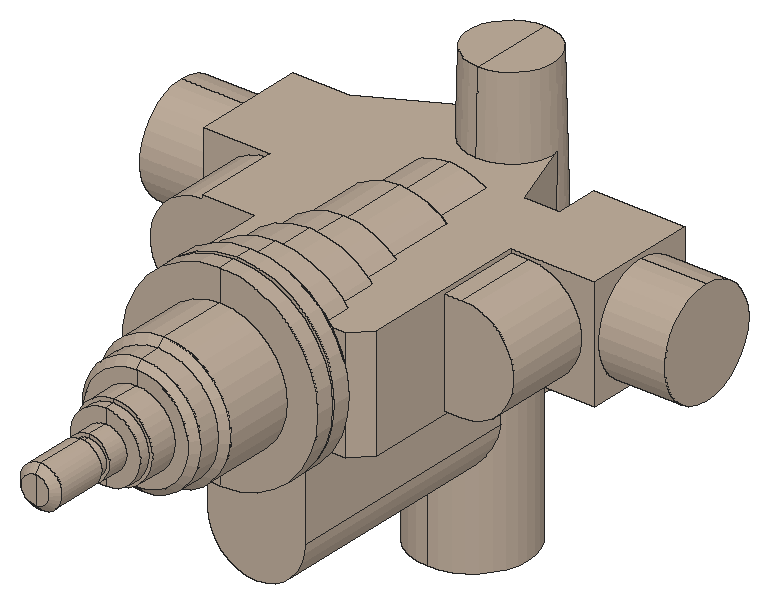
Revit family "Valve-Diverter-Waterworks-Universal-Pressure_Balance", category Pipe Accessories, Revit 2014
Parameters (values of type "Universal Pressure Balance with Diverter Valve")
  ‌Installation Requirements or Notes = "It is recommended not to exceed 4.2 gpm total,per shower installation; restricted maximum flow rate is controlled by end fitting, see fitting specs for details"  # constant formula
  Water Pressure = "Max: 85psi / Min: 20psi / Recommended: 45psi"  # constant formula
  Warranty = "http://www.waterworks.com/warranty"
  Version = "2014 - v1.0a"  # constant formula
  URL = "http://www.waterworks.com/"
  Length = 0' - 4 3/4"  # constant formula
  Height = 0' - 3 3/4"  # constant formula
  Fittings Hole Diameter = 0' - 3 1/2"  # constant formula
  Depth = 0' - 5 3/4"  # constant formula
  Control Valve Rough-in Depth Minimum = 0' - 1 7/8"  # constant formula
  Control Valve Rough-in Depth Maximum = 0' - 2 7/8"  # constant formula
  Cold Water Inlet Diameter = 0' - 0 1/2"  # constant formula
  Cold Water Inlet Connection = "Inlet - Copper Sweat"  # constant formula
  Support Phone = "(224) 699-9545"  # constant formula
  Support Email = "mailto:support@anguleris.com"
  Hot Water Inlet Diameter = 0' - 0 1/2"  # constant formula
  Hot Water Inlet Connection = "Inlet - Copper Sweat"  # constant formula
  Product Page URL = "http://www.waterworks.com/universal-pressure-balance-with-diverter-valve-gupb87"
  Product Name = "Universal Pressure Balance with Diverter Valve"  # constant formula
  Product Documentation Link = "http://assets.waterworks.com/wasset/52/original/34452.pdf"
  Pressure = 45.00 psi
  Model SKU = "26-29053-55752"  # constant formula
  Model = "GUPB87"  # constant formula
  Mixed Water Top Outlet Diamter = 0' - 0 1/2"  # constant formula
  Mixed Water Outlet Top Connection = "Oulet - Sweat Shower/ NPT Tub"  # constant formula
  Material = ""
  Manufacturer Phone Number = "(203)546-6201"  # constant formula
  Manufacturer Email = "mailto:acallanan@waterworks.com"
  Manufacturer Address = "60 Backus Avenue, Danbury, CT 06810"  # constant formula
  Manufacturer = "Waterworks"  # constant formula
  Keynote = "22 40 00"
  Mixed Water Bottom Outlet Diameter = 0' - 0 1/2"  # constant formula
  Mixed Water Outlet Bottom Connection = "Oulet - Sweat Shower/ NPT Tub"  # constant formula
  Finish = Metal - Waterworks - Brass
  Description = "Universal Pressure Balance with Diverter Valve"  # constant formula
  Copyright = "@2017 Waterworks Operating Company LLC. All rights reserved"  # constant formula
  Code Compliance = "Code # GUSV87: ASME A112.18.1 / CSA B125.1, IAPMO, CSA, State of MA"  # constant formula
  Certification cUPC = 1 = 1  # yes
  Certification UPC = 1 = 1  # yes
  Certification State of MA = 1 = 1  # yes
  Certification IAPMO = 1 = 1  # yes
  Certification CSA = 1 = 1  # yes
  Assembly Code = "D2010"
  Anti-scald Protection = 1 = 1  # yes
  ADA Compliant = 1 = 1  # yes
Reference planes (in)
  plane 1 "Center (Elevation)": z = 0
  plane 2 "Back": y = 0
  plane 3 "Center (Left/Right)": x = 0
  plane 4 "Left": x = -2.34375
  plane 5 "Right": x = 2.34375
  plane 6 "Top": z = 1.21875
  plane 7 "Bottom": z = -2.53125
  plane 8: y = -1.1875
  plane 9 "Front": y = -5.75
Forms (in)
  Revolve 1, solid, material "Metal - Waterworks - Brass" <- "Finish", detail levels fine
    sketch origin (0, 0.00149, 0) x (0, 0, 1) y (0, -1, 0)
      loop
        line (0, 5.75149) -> (0, 1.125) -> (0.59375, 1.125) -> (0.59375, 1.625) -> (0.65625, 1.6875) -> (0.65625, 2.3125) -> (0.6875, 2.3125) -> (0.6875, 2.6875) -> (0.75, 2.6875) -> (0.75, 3.0625) -> (0.8125, 3.0625) -> (0.8125, 3.28125) -> (0.875, 3.34375) -> (0.875, 3.5) -> (0.84375, 3.5) -> (0.84375, 3.53125) -> (0.875, 3.53125) -> (0.875, 3.6875) -> (0.59375, 3.6875) -> (0.59375, 4.3125) -> (0.53125, 4.375) -> (0.53125, 4.5625) -> (0.46875, 4.625) -> (0.34375, 4.625) -> (0.34375, 4.875) -> (0.3125, 4.875) -> (0.3125, 4.96875) -> (0.1875, 4.96875) -> (0.1875, 5.15625) -> (0.15625, 5.15625) -> (0.15625, 5.25) -> (0.1875, 5.25) -> (0.1875, 5.6875) -> (0.12351, 5.75149) -> (0, 5.75149)
      axis (0, 5.75149) -> (0, 1.125)
    angle from 0 to 360
  Extrusion 2, solid, material "Metal - Waterworks - Brass" <- "Finish", detail levels fine
    sketch origin (0, 0.00149, 0) x (0, -1, 0) y (1, 0, 0)
      loop
        line (1.6875, -1.75016) -> (1.6875, -1.68766) -> (2.4375, -1.68766) -> (2.4375, -0.6875) -> (3.34375, -0.6875) -> (3.34375, 0.84359) -> (3.1875, 0.99984) -> (1.6875, 0.99984) -> (1.6875, 1.74984) -> (0.6875, 1.74984) -> (0.6875, 0.93734) -> (1.0625, 0.93734) -> (1.0625, 0.62484) -> (0.30995, 0.35264) -> (0.10768, -0.17844) -> (0.6875, -1.25016) -> (0.6875, -1.75016) -> (1.6875, -1.75016)
    from -0.5 to 0.5
  Extrusion 3, void, detail levels fine
    sketch origin (0, 0.00149, 0) x (1, 0, 0) y (0, 0, 1)
      loop
        line (-1.15641, 0.46875) -> (-1.15641, 1.21875) -> (-2.34375, 1.21875) -> (-2.34375, -2.53125) -> (-1.15641, -2.53125) -> (-1.15641, -0.46875)
        arc (-1.15641, -0.46875) -> (-1.62516, 0) -> (-1.15641, 0.46875) r 0.46875
    from 1.6875 to 2.4375
  Extrusion 4, solid, material "Metal - Waterworks - Brass" <- "Finish", detail levels fine
    sketch origin (0, 0.00149, 0) x (1, 0, 0) y (0, 0, 1)
      loop
        arc (1.15641, -0.46875) -> (1.62516, 0) -> (1.15641, 0.46875) r 0.46875
        line (1.15641, 0.46875) -> (0.99984, 0.46875) -> (0.99984, -0.46875) -> (1.15641, -0.46875)
    from 1.6875 to 2.4375
  Revolve 5, solid, material "Metal - Waterworks - Brass" <- "Finish", detail levels fine
    sketch origin (0, 0.00149, 0) x (0, 0, 1) y (0, -1, 0)
      loop
        line (1.21875, 0.0625) -> (1.21875, 0.4375) -> (-1.40536, 0.4375)
        arc (-1.40536, 0.4375) -> (-1.38965, 0.21727) -> (-1.34286, 0.00149) r 1.5521
        line (-1.34286, 0.00149) -> (1.21875, 0.0625)
      axis (1.21875, 0.4375) -> (-1.40536, 0.4375)
    angle from 0 to 360
  Revolve 6, solid, material "Metal - Waterworks - Brass" <- "Finish", detail levels fine
    sketch origin (0, 0.00149, 0) x (0, 0, 1) y (0, -1, 0)
      loop
        line (-2.53125, 0.87301) -> (-2.53125, 0.37301) -> (0, 0.37301) -> (0, 0.87301) -> (-2.53125, 0.87301)
      axis (0, 0.87301) -> (-2.53125, 0.87301)
    angle from 0 to 360
  Extrusion 7, solid, material "Metal - Waterworks - Brass" <- "Finish", detail levels fine
    sketch origin (0, 0.00149, 0) x (0, 0, 1) y (0, -1, 0)
      loop
        circle (0, 1.18899) r 0.46875
    from 0.93734 to 2.34375
  Extrusion 8, solid, material "Metal - Waterworks - Brass" <- "Finish", detail levels fine
    sketch origin (0, 0.00149, 0) x (0, 0, 1) y (0, -1, 0)
      loop
        circle (0, 1.18899) r 0.46875
    from -2.34375 to -1.75016
  Extrusion 9, solid, material "Metal - Waterworks - Brass" <- "Finish", detail levels fine
    sketch origin (0, 0.00149, 0) x (1, 0, 0) y (0, 0, 1)
      loop
        arc (-0.4375, -1.37002) -> (0, -1.80752) -> (0.4375, -1.37002) r 0.4375
        line (0.4375, -1.37002) -> (0.4375, 0) -> (-0.4375, 0) -> (-0.4375, -1.37002)
    from 0.69678 to 3.28125
Cuts and joins
  Extrusion 3 cuts Extrusion 2
Lines and regions (in)
  model lines, detail levels coarse+medium
    curve 1: line (0, -1.1875, 0) -> (-0.5359, -1.1875, -2)
    curve 2: line (0, -1.1875, 0) -> (0.5359, -1.1875, -2)
    curve 3: line (-0.5359, -1.1875, -2) -> (0.5359, -1.1875, -2)
    curve 4: line (2, -1.1875, -0.5359) -> (-2, -1.1875, 0.5359)
    curve 5: line (2, -1.1875, 0.5359) -> (-2, -1.1875, -0.5359)
    curve 6: line (-2, -1.1875, 0.5359) -> (-2, -1.1875, -0.5359)
    curve 7: line (2, -1.1875, 0.5359) -> (2, -1.1875, -0.5359)
    curve 8: circle (0, -1.1875, 0) r 0.75 normal (0, -1, 0)
Dimensions and locks (in)
  equal spacing: plane 4 "Left", plane 3 "Center (Left/Right)", plane 5 "Right", locked at 2.34375 each
  plane 9 "Front" to plane 8 to plane 2 "Back" = 0' - 4 9/16" locked, 0' - 1 3/16" locked
  locked: plane 2 "Back" to Revolve 5 sketch curve at 0.43601
  Revolve 5 sketch curve to plane 1 "Center (Elevation)" to Revolve 5 sketch curve = 0' - 1.40536" locked, 0' - 0.14674" locked
  locked: plane 2 "Back" to Revolve 6 sketch curve at 0.87152
  locked: Revolve 6 sketch curve to Revolve 6 sketch curve at 0.5
  plane 1 "Center (Elevation)" to Extrusion 9 sketch curve to Extrusion 9 sketch curve = 0' - 1.37002" locked, 0' - 0 7/16" locked
  plane 3 "Center (Left/Right)" to Extrusion 3 sketch curve to Extrusion 3 sketch curve to Extrusion 3 sketch curve to Extrusion 3 sketch curve = 0' - 1.15641" locked, 0' - 0" locked, 0' - 0" locked, 0' - 0 15/32" locked
  Extrusion 4 sketch curve to Extrusion 4 sketch curve to Extrusion 4 sketch curve to plane 3 "Center (Left/Right)" = 0' - 0 15/32" locked, 0' - 0.15657" locked, 0' - 0.99984" locked
  locked: plane 1 "Center (Elevation)" to Extrusion 7 sketch curve at 0.46875
  locked: plane 1 "Center (Elevation)" to Extrusion 8 sketch curve at 0.46875
  Extrusion 2 sketch curve to Extrusion 2 sketch curve to Extrusion 2 sketch curve to Extrusion 2 sketch curve to Extrusion 2 sketch curve to plane 3 "Center (Left/Right)" to Extrusion 2 sketch curve to Extrusion 2 sketch curve to Extrusion 2 sketch curve to Extrusion 2 sketch curve to Extrusion 2 sketch curve to Extrusion 2 sketch curve = 0' - 0 1/16" locked, 0' - 0 7/16" locked, 0' - 0.56266" locked, 0' - 0.50906" locked, 0' - 0.17844" locked, 0' - 0.35264" locked, 0' - 0.2722" locked, 0' - 0 7/32" locked, 0' - 0 3/32" locked, 0' - 0 1/16" locked, 0' - 0 3/4" locked
  Extrusion 2 sketch curve to Extrusion 2 sketch curve to Extrusion 2 sketch curve to Extrusion 2 sketch curve to Extrusion 2 sketch curve to plane 8 to Extrusion 2 sketch curve to Extrusion 2 sketch curve to Extrusion 2 sketch curve to Extrusion 2 sketch curve to Extrusion 2 sketch curve = 0' - 0 5/32" locked, 0' - 0 3/4" locked, 0' - 0 3/4" locked, 0' - 0" locked, 0' - 0.49851" locked, 0' - 0.12649" locked, 0' - 0 3/8" locked, 0' - 0" locked, 0' - 0.37755" locked, 0' - 0.20227" locked
  Revolve 1 sketch curve to plane 8 to Revolve 1 sketch curve to Revolve 1 sketch curve to Revolve 1 sketch curve to Revolve 1 sketch curve to Revolve 1 sketch curve to Revolve 1 sketch curve to Revolve 1 sketch curve to Revolve 1 sketch curve to Revolve 1 sketch curve to Revolve 1 sketch curve = 0' - 0.06399" locked, 0' - 0.43601" locked, 0' - 0 1/16" locked, 0' - 0 5/8" locked, 0' - 0 3/8" locked, 0' - 0 3/8" locked, 0' - 0 7/32" locked, 0' - 0 1/16" locked, 0' - 0 5/32" locked, 0' - 0 1/32" locked, 0' - 0 5/32" locked
  Revolve 1 sketch curve to Revolve 1 sketch curve to Revolve 1 sketch curve to Revolve 1 sketch curve to Revolve 1 sketch curve to Revolve 1 sketch curve to Revolve 1 sketch curve to Revolve 1 sketch curve to Revolve 1 sketch curve to plane 9 "Front" = 0' - 0 1/16" locked, 0' - 0 3/16" locked, 0' - 0 1/16" locked, 0' - 0 1/4" locked, 0' - 0 3/32" locked, 0' - 0 3/16" locked, 0' - 0 3/32" locked, 0' - 0 7/16" locked, 0' - 0.06399" locked
  plane 1 "Center (Elevation)" to Revolve 1 sketch curve to Revolve 1 sketch curve to Revolve 1 sketch curve to Revolve 1 sketch curve to Revolve 1 sketch curve to Revolve 1 sketch curve to Revolve 1 sketch curve to Revolve 1 sketch curve to Revolve 1 sketch curve to Revolve 1 sketch curve to Revolve 1 sketch curve to Revolve 1 sketch curve to Revolve 1 sketch curve to Revolve 1 sketch curve to Revolve 1 sketch curve to Revolve 1 sketch curve to Revolve 1 sketch curve = 0' - 0.12351" locked, 0' - 0.03274" locked, 0' - 0 1/32" locked, 0' - 0" locked, 0' - 0 1/8" locked, 0' - 0 1/32" locked, 0' - 0 1/8" locked, 0' - 0 1/16" locked, 0' - 0 1/16" locked, 0' - 0" locked, 0' - 0 1/16" locked, 0' - 0 1/32" locked, 0' - 0 1/16" locked, 0' - 0 1/16" locked, 0' - 0 1/32" locked, 0' - 0 1/32" locked, 0' - 0" locked
  cut or joined group of Extrusion 2, Extrusion 3 to plane 1 "Center (Elevation)" to cut or joined group of Extrusion 2, Extrusion 3 = 0' - 0 1/2" locked, 0' - 0 1/2" locked
  plane 7 "Bottom" to plane 1 "Center (Elevation)" to plane 6 "Top" = 0' - 2 17/32" locked, 0' - 1 7/32" locked
  aligned and locked: Extrusion 3 to Extrusion 2  (x2)
  aligned and locked: Revolve 5 sketch curve to Revolve 5 sketch curve  (x2)
  aligned and locked: Revolve 6 sketch curve to Revolve 6 sketch curve
  aligned and locked: plane 6 "Top" to Revolve 5 sketch curve
  aligned and locked: plane 1 "Center (Elevation)" to Revolve 6 sketch curve
  aligned and locked: Revolve 6 sketch curve to plane 7 "Bottom"
  aligned and locked: plane 1 "Center (Elevation)" to Extrusion 9 sketch curve
  aligned and locked: plane 3 "Center (Left/Right)" to Extrusion 9 sketch curve
  aligned and locked: Extrusion 3 sketch curve to plane 4 "Left"
  aligned and locked: Extrusion 3 sketch curve to plane 6 "Top"
  aligned and locked: Extrusion 3 sketch curve to plane 7 "Bottom"
  aligned and locked: plane 1 "Center (Elevation)" to Extrusion 3 sketch curve
  aligned and locked: plane 1 "Center (Elevation)" to Extrusion 4 sketch curve
  aligned and locked: plane 8 to Extrusion 7 sketch curve
  aligned and locked: plane 1 "Center (Elevation)" to Extrusion 7 sketch curve
  aligned and locked: plane 8 to Extrusion 8 sketch curve
  aligned and locked: plane 1 "Center (Elevation)" to Extrusion 8 sketch curve
  aligned and locked: Extrusion 8 to plane 4 "Left"
  aligned and locked: plane 5 "Right" to Extrusion 7
  aligned and locked: cut or joined group of Extrusion 2, Extrusion 3 to Extrusion 7
  aligned and locked: Extrusion 8 to cut or joined group of Extrusion 2, Extrusion 3
  aligned and locked: Revolve 1 sketch curve to plane 1 "Center (Elevation)"
  aligned and locked: plane 1 "Center (Elevation)" to Revolve 1 sketch curve
  aligned and locked: plane 9 "Front" to Revolve 1 sketch curve
Automatic sketch dimensions
  Extrusion 9 sketch curve to Extrusion 9 sketch curve = 0' - 0"
  Revolve 1 sketch curve to Revolve 1 sketch curve = 1' - 1 1/8"
  Revolve 1 sketch curve to Revolve 1 sketch curve = 0' - 11.99851"
  Revolve 5 sketch curve to Revolve 5 sketch curve = 0' - 0 3/8"
  Revolve 5 sketch curve to Revolve 5 sketch curve = 0' - 11.34464"
  Revolve 5 sketch curve to Revolve 5 sketch curve = 0' - 10 25/32"
  Revolve 6 sketch curve to Revolve 6 sketch curve = 0' - 10 7/32"
  Revolve 6 sketch curve to Revolve 6 sketch curve = 1' - 0"
  Revolve 5 sketch curve to plane 2 "Back" = 0' - 0"
  curve 1 to level = 0' - 0"
  curve 8 to level = 0' - 0"
  curve 8 to plane 3 "Center (Left/Right)" = 0' - 0"
  curve 1 to plane 3 "Center (Left/Right)" = 0' - 0"
  curve 6 to level = 0' - 0.5359"
  curve 3 to plane 7 "Bottom" = 0' - 0 17/32"
  level to curve 7 = 0' - 0.5359"
  level to curve 4 = 0' - 0.5359"
  plane 3 "Center (Left/Right)" to curve 2 = 0' - 0.5359"
  curve 4 to plane 5 "Right" = 0' - 0 11/32"
  plane 4 "Left" to curve 6 = 0' - 0 11/32"
  radius of curve 8 = 0' - 0 3/4"
Connectors (in)
  piping at (0, -0.87152, -2.53125), diameter 0.5, driven by "Mixed Water Outlet Bottom Connection", driven by "Mixed Water Bottom Outlet Diameter"
    settings: on Revolve 6, index 1, connector inside diameter 24", connector length 0' - 0", flow factor 0, pipe flow 0 GPM, pressure drop 0.00 psi, fitting loss kfactor 0, connector angle 0.00°, fixture units 0, engagement length 0' - 0", angle of deflection 0.00°, flow configuration 0, flow direction 2, fitting loss method 0, system type 29, joint type 0, gender type 0, connector reference index -1, connector utility 0, adjustable connector no, is connector primary yes, connector description "Oulet - Sweat Shower/ NPT Tub"
  piping at (2.34375, -1.1875, 0), diameter 0.5, driven by "Cold Water Inlet Connection", driven by "Cold Water Inlet Diameter"
    settings: on Extrusion 7, index 2, connector inside diameter 24", connector length 0' - 0", flow factor 0, pipe flow 0 GPM, pressure drop 0.00 psi, fitting loss kfactor 0, connector angle 0.00°, fixture units 0, engagement length 0' - 0", angle of deflection 0.00°, flow configuration 0, flow direction 1, fitting loss method 0, system type 20, joint type 0, gender type 0, connector reference index -1, connector utility 0, adjustable connector no, is connector primary no, connector description "Inlet - Copper Sweat"
  piping at (-2.34375, -1.1875, 0), diameter 0.5, driven by "Hot Water Inlet Connection", driven by "Hot Water Inlet Diameter"
    settings: on Extrusion 8, index 3, connector inside diameter 24", connector length 0' - 0", flow factor 0, pipe flow 0 GPM, pressure drop 0.00 psi, fitting loss kfactor 0, connector angle 0.00°, fixture units 0, engagement length 0' - 0", angle of deflection 0.00°, flow configuration 0, flow direction 1, fitting loss method 0, system type 19, joint type 0, gender type 0, connector reference index -1, connector utility 0, adjustable connector no, is connector primary no, connector description "Inlet - Copper Sweat"
  piping at (0, -0.43601, 1.21875), diameter 0.5, driven by "Mixed Water Outlet Top Connection", driven by "Mixed Water Top Outlet Diamter"
    settings: on Revolve 5, index 4, connector inside diameter 24", connector length 0' - 0", flow factor 0, pipe flow 0 GPM, pressure drop 0.00 psi, fitting loss kfactor 0, connector angle 0.00°, fixture units 0, engagement length 0' - 0", angle of deflection 0.00°, flow configuration 0, flow direction 2, fitting loss method 0, system type 29, joint type 0, gender type 0, connector reference index -1, connector utility 0, adjustable connector no, is connector primary no, connector description "Oulet - Sweat Shower/ NPT Tub"
